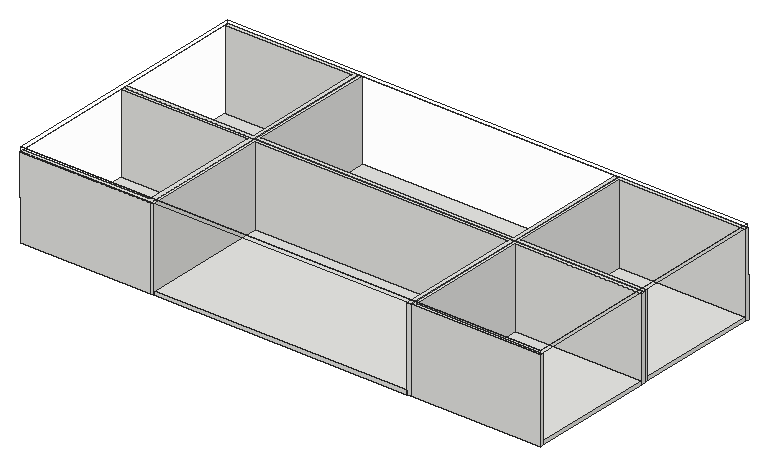
Revit family "Table-Coffee-Teknion-STLQ_Masalla-R2013", category Furniture, Revit 2013
Parameters (values of type "6 Box Rectangle, Pinch")
  Width = 66.92913"
  Warranty = "http://www.teknionstudio.com/pdfs/Teknion%20Studio%20Warranty.pdf"
  Unit Weight = 0.00 lbf
  URL = "www.teknionstudio.com"
  Table Top Finish [instance] = Glass - Teknion - A5 - Standard - Clear
  Surface D Finish [instance] = Paint - Teknion - True White
  Surface C Finish [instance] = Paint - Teknion - True White
  Surface B Finish [instance] = Paint - Teknion - True White
  Surface A Finish [instance] = Paint - Teknion - True White
  Series = "Studio"
  Product Line = "Masalla"
  Product Documentation Link = "http://www.teknionstudio.com/pricing/STLQ_ppg.pdf"
  Part Number = "STLQ"
  Model = "STLQ"
  Manufacturer Phone = "919-464-2920"
  Manufacturer Fax = "919-464-2927"
  Manufacturer Email = "customersupport@teknionstudio.com"
  Manufacturer Address = "3941 US 70 Business HWY West, Clayton, NC 27520"
  Manufacturer = "Teknion Studio"
  Low Emitting Material = yes
  Low Emitting Finish = yes
  Height = 12.59843"
  Description = "Masalla Table, 6 Box Rectangle - Pinch"
  Depth = 33.46457"
  Assembly Code = "E2020200"
Reference planes (in)
  plane 1 "Center F/B": y = 0
  plane 2: z = 0
  plane 3 "Center L/R": x = 0
  plane 4 "Left": x = -33.46457
  plane 5 "Right": x = 33.46457
  plane 6 "Back": y = 16.73228
  plane 7 "Front": y = -16.73228
  plane 8 "Top": z = 12.59843
  plane 9: z = 1.5748
  plane 10: z = 12.12598
Forms (in)
  Sweep 1, solid, material "Paint - Teknion - Smoke"
    path origin (0, 0, 0) x (1, 0, 0) y (0, 0, 1)
      loop
        line (0, 0) -> (0, 1.5748)
    profile origin (0, 0, 0.7874) x (-1, 0, 0) y (0, -1, 0)
      loop
        line (31.10236, -14.37008) -> (31.10236, 14.37008) -> (-31.10236, 14.37008) -> (-31.10236, -14.37008) -> (31.10236, -14.37008)
      loop
        line (-30.62992, -13.89764) -> (30.62992, -13.89764) -> (30.62992, 13.89764) -> (-30.62992, 13.89764) -> (-30.62992, -13.89764)
  Sweep 2, solid, material "Paint - Teknion - Smoke"
    path origin (0, 0, 0) x (1, 0, 0) y (0, 0, 1)
      loop
        line (0, 1.5748) -> (0, 1.10236)
    profile origin (0, 0, 1.33858) x (0, -1, 0) y (1, 0, 0)
      loop
        line (-13.89764, -30.62992) -> (13.89764, -30.62992) -> (13.89764, 30.62992) -> (-13.89764, 30.62992) -> (-13.89764, -30.62992)
  Sweep 3, solid, material "Glass - Teknion - A5 - Standard - Clear" <- "Table Top Finish"
    path origin (0, 0, 0) x (1, 0, 0) y (0, 0, 1)
      loop
        line (0, 12.59843) -> (0, 12.12598)
    profile origin (0, 0, 12.3622) x (0, -1, 0) y (1, 0, 0)
      loop
        line (-16.73228, -33.46457) -> (16.73228, -33.46457) -> (16.73228, 33.46457) -> (-16.73228, 33.46457) -> (-16.73228, -33.46457)
  Sweep 4, solid, material "Paint - Teknion - True White" <- "Surface B Finish"
    path origin (0, 0, 0) x (1, 0, 0) y (0, 0, 1)
      loop
        line (0, 1.5748) -> (0, 2.04724)
    profile origin (0, 0, 1.81102) x (-1, 0, 0) y (0, -1, 0)
      loop
        line (16.25984, -16.73228) -> (16.25984, -0.47244) -> (-16.25984, -0.47244) -> (-16.25984, -16.73228) -> (16.25984, -16.73228)
  Sweep 5, solid, material "Paint - Teknion - True White" <- "Surface A Finish"
    path origin (0, 0, 0) x (1, 0, 0) y (0, 0, 1)
      loop
        line (0, 12.12598) -> (0, 1.5748)
    profile origin (0, 0, 6.85039) x (0, -1, 0) y (1, 0, 0)
      loop
        line (-16.73228, -33.46457) -> (-16.25984, -33.46457) -> (-16.25984, -17.20472) -> (-0.47244, -17.20472) -> (-0.47244, -33.46457) -> (0, -33.46457) -> (0, -16.73228) -> (-16.73228, -16.73228) -> (-16.73228, -33.46457)
  Sweep 6, solid, material "Paint - Teknion - True White" <- "Surface D Finish"
    path origin (0, 0, 0) x (1, 0, 0) y (0, 0, 1)
      loop
        line (0, 1.5748) -> (0, 12.12598)
    profile origin (0, 0, 6.85039) x (-1, 0, 0) y (0, -1, 0)
      loop
        line (-16.73228, 0) -> (-16.73228, 16.73228) -> (-33.46457, 16.73228) -> (-33.46457, 16.25984) -> (-17.20472, 16.25984) -> (-17.20472, 0.47244) -> (-33.46457, 0.47244) -> (-33.46457, 0) -> (-16.73228, 0)
  Sweep 7, solid, material "Paint - Teknion - True White" <- "Surface B Finish"
    path origin (0, 0, 0) x (1, 0, 0) y (0, 0, 1)
      loop
        line (0, 12.12598) -> (0, 1.5748)
    profile origin (0, 0, 6.85039) x (0, -1, 0) y (1, 0, 0)
      loop
        line (-16.73228, -16.73228) -> (0, -16.73228) -> (0, 16.73228) -> (-16.73228, 16.73228) -> (-16.73228, 16.25984) -> (-0.47244, 16.25984) -> (-0.47244, -16.25984) -> (-16.73228, -16.25984) -> (-16.73228, -16.73228)
  Sweep 8, solid, material "Paint - Teknion - True White" <- "Surface C Finish"
    path origin (0, 0, 0) x (1, 0, 0) y (0, 0, 1)
      loop
        line (0, 12.12598) -> (0, 1.5748)
    profile origin (0, 0, 6.85039) x (0, -1, 0) y (1, 0, 0)
      loop
        line (0, 16.73228) -> (0, -16.73228) -> (16.73228, -16.73228) -> (16.73228, -16.25984) -> (0.47244, -16.25984) -> (0.47244, 16.25984) -> (16.73228, 16.25984) -> (16.73228, 16.73228) -> (0, 16.73228)
  Sweep 9, solid, material "Paint - Teknion - True White" <- "Surface D Finish"
    path origin (0, 0, 0) x (-1, 0, 0) y (0, 0, 1)
      loop
        line (0, 1.5748) -> (0, 2.04724)
    profile origin (0, 0, 1.81102) x (-1, 0, 0) y (0, -1, 0)
      loop
        line (-33.46457, -16.25984) -> (-17.20472, -16.25984) -> (-17.20472, -0.47244) -> (-33.46457, -0.47244) -> (-33.46457, -16.25984)
      loop
        line (-33.46457, 16.25984) -> (-33.46457, 0.47244) -> (-17.20472, 0.47244) -> (-17.20472, 16.25984) -> (-33.46457, 16.25984)
  Sweep 10, solid, material "Paint - Teknion - True White" <- "Surface C Finish"
    path origin (0, 0, 0) x (-1, 0, 0) y (0, 0, 1)
      loop
        line (0, 1.5748) -> (0, 2.04724)
    profile origin (0, 0, 1.81102) x (1, 0, 0) y (0, 1, 0)
      loop
        line (16.25984, -16.73228) -> (16.25984, -0.47244) -> (-16.25984, -0.47244) -> (-16.25984, -16.73228) -> (16.25984, -16.73228)
  Sweep 11, solid, material "Paint - Teknion - True White" <- "Surface A Finish"
    path origin (0, 0, 0) x (1, 0, 0) y (0, 0, -1)
      loop
        line (0, -1.5748) -> (0, -2.04724)
    profile origin (0, 0, 1.81102) x (1, 0, 0) y (0, 1, 0)
      loop
        line (-33.46457, -16.25984) -> (-17.20472, -16.25984) -> (-17.20472, -0.47244) -> (-33.46457, -0.47244) -> (-33.46457, -16.25984)
      loop
        line (-33.46457, 16.25984) -> (-33.46457, 0.47244) -> (-17.20472, 0.47244) -> (-17.20472, 16.25984) -> (-33.46457, 16.25984)
  Sweep 12, solid, material "Paint - Teknion - True White" <- "Surface D Finish"
    path origin (0, 16.73228, 0) x (1, 0, 0) y (0, 0, 1)
      loop
        line (0, 1.5748) -> (0, 12.12598)
    profile origin (0, 16.73228, 6.85039) x (-1, 0, 0) y (0, -1, 0)
      loop
        line (-16.73228, 0) -> (-16.73228, 16.73228) -> (-33.46457, 16.73228) -> (-33.46457, 16.25984) -> (-17.20472, 16.25984) -> (-17.20472, 0.47244) -> (-33.46457, 0.47244) -> (-33.46457, 0) -> (-16.73228, 0)
  Sweep 13, solid, material "Paint - Teknion - True White" <- "Surface A Finish"
    path origin (-19.56073, -8.30304, 0) x (1, 0, 0) y (0, 0, 1)
      loop
        line (19.56073, 12.12598) -> (19.56073, 1.5748)
    profile origin (0, -8.30304, 6.85039) x (0, -1, 0) y (1, 0, 0)
      loop
        line (-8.30304, -33.46457) -> (-7.8306, -33.46457) -> (-7.8306, -17.20472) -> (7.95681, -17.20472) -> (7.95681, -33.46457) -> (8.42925, -33.46457) -> (8.42925, -16.73228) -> (-8.30304, -16.73228) -> (-8.30304, -33.46457)
Lines and regions (in)
  Masking region 1
    outline origin (0, 0, 12.59843) x (-1, 0, 0) y (0, -1, 0)
      loop
        line (33.46457, -16.73228) -> (33.46457, 16.73228) -> (-33.46457, 16.73228) -> (-33.46457, -16.73228) -> (33.46457, -16.73228)
  symbolic lines, style "Hidden Lines", detail levels medium+fine
    curve 1: line (-16.73228, 16.73228, 12.59843) -> (-16.73228, -16.73228, 12.59843)
    curve 2: line (16.73228, 16.73228, 12.59843) -> (16.73228, -16.73228, 12.59843)
    curve 3: line (-33.46457, 0, 12.59843) -> (33.46457, 0, 12.59843)
  symbolic lines, style "Hidden Lines", detail levels fine
    curve 4: line (-33.46457, 16.25984, 12.59843) -> (-16.73228, 16.25984, 12.59843)
    curve 5: line (-33.46457, -16.25984, 12.59843) -> (-16.73228, -16.25984, 12.59843)
    curve 6: line (33.46457, 16.25984, 12.59843) -> (16.73228, 16.25984, 12.59843)
    curve 7: line (33.46457, -16.25984, 12.59843) -> (16.73228, -16.25984, 12.59843)
    curve 8: line (-17.20472, 16.25984, 12.59843) -> (-17.20472, -16.25984, 12.59843)
    curve 9: line (-16.25984, 16.73228, 12.59843) -> (-16.25984, -16.73228, 12.59843)
    curve 10: line (16.25984, 16.73228, 12.59843) -> (16.25984, -16.73228, 12.59843)
    curve 11: line (17.20472, 16.25984, 12.59843) -> (17.20472, 0.47244, 12.59843)
    curve 12: line (-16.25984, 0.47244, 12.59843) -> (16.25984, 0.47244, 12.59843)
    curve 13: line (-16.25984, -0.47244, 12.59843) -> (16.25984, -0.47244, 12.59843)
    curve 14: line (33.46457, 0.47244, 12.59843) -> (16.73228, 0.47244, 12.59843)
    curve 15: line (33.46457, -0.47244, 12.59843) -> (16.73228, -0.47244, 12.59843)
    curve 16: line (17.20472, -0.47244, 12.59843) -> (17.20472, -16.25984, 12.59843)
  symbolic lines, style "FurnitureSystemsHiddenLines", detail levels fine
    curve 17: line (-33.46457, 0.47244, 0) -> (-17.20472, 0.47244, 0)
    curve 18: line (-33.46457, -0.47244, 0) -> (-17.20472, -0.47244, 0)
Dimensions and locks (in)
  "Height": plane 8 "Top" to level
  equal spacing: plane 4 "Left", plane 3 "Center L/R", plane 5 "Right"
  equal spacing: plane 6 "Back", plane 1 "Center F/B", plane 7 "Front"
  "Width": plane 4 "Left" to plane 5 "Right"
  "Depth": plane 6 "Back" to plane 7 "Front"
  Sweep 1 sketch curve to Sweep 1 sketch curve to plane 1 "Center F/B" to Sweep 1 sketch curve to Sweep 1 sketch curve = 0.47244" locked, 13.89764" locked, 13.89764" locked, 0.47244" locked
  Sweep 1 sketch curve to Sweep 1 sketch curve to plane 3 "Center L/R" to Sweep 1 sketch curve to Sweep 1 sketch curve = 0.47244", 30.62992" locked, 30.62992" locked, 0.47244" locked
  Sweep 2 sketch curve to plane 3 "Center L/R" to Sweep 2 sketch curve = 30.62992" locked, 30.62992" locked
  Sweep 2 sketch curve to plane 1 "Center F/B" to Sweep 2 sketch curve = 13.89764" locked, 13.89764" locked
  locked: plane 8 "Top" to Sweep 3 sketch curve at 0.47244
  locked: plane 8 "Top" to plane 10 at 0.47244
  locked: plane 9 to plane 2 at 1.5748
  locked: plane 9 to Sweep 2 sketch curve at 0.47244
  locked: Sweep 4 sketch curve to plane 9 at 0.47244
  locked: plane 1 "Center F/B" to Sweep 4 sketch curve at 0.47244
  locked: Sweep 8 sketch curve to plane 1 "Center F/B" at 0.47244
  locked: Sweep 9 sketch curve to plane 9 at 0.47244
  locked: Sweep 10 sketch curve to plane 9 at 0.47244
  locked: Sweep 11 sketch curve to plane 9 at 0.47244
  locked: plane 4 "Left" to Sweep 5 sketch curve at 16.73228
  locked: Sweep 5 sketch curve to Sweep 5 sketch curve at 0.47244
  locked: plane 6 "Back" to Sweep 5 sketch curve at 0.47244
  locked: plane 7 "Front" to Sweep 6 sketch curve at 0.47244
  locked: Sweep 6 sketch curve to plane 5 "Right" at 16.25984
  locked: Sweep 6 sketch curve to Sweep 6 sketch curve at 0.47244
  Sweep 8 sketch curve to Sweep 8 sketch curve to plane 3 "Center L/R" = 0.47244" locked, 16.25984" locked
  plane 3 "Center L/R" to Sweep 8 sketch curve to Sweep 8 sketch curve = 16.25984" locked, 0.47244" locked
  Sweep 7 sketch curve to Sweep 7 sketch curve to plane 3 "Center L/R" = 0.47244" locked, 16.25984" locked
  plane 3 "Center L/R" to Sweep 7 sketch curve to Sweep 7 sketch curve = 16.25984" locked, 0.47244" locked
  locked: plane 1 "Center F/B" to Sweep 7 sketch curve at 0.47244
  locked: plane 4 "Left" to Sweep 11 sketch curve at 16.25984
  locked: plane 6 "Back" to Sweep 11 sketch curve at 0.47244
  locked: plane 7 "Front" to Sweep 11 sketch curve at 0.47244
  Sweep 4 sketch curve to plane 3 "Center L/R" to Sweep 4 sketch curve = 16.25984" locked, 16.25984" locked
  Sweep 10 sketch curve to plane 3 "Center L/R" to Sweep 10 sketch curve = 16.25984" locked, 16.25984" locked
  locked: Sweep 10 sketch curve to plane 1 "Center F/B" at 0.47244
  locked: Sweep 9 sketch curve to plane 5 "Right" at 16.25984
  locked: plane 6 "Back" to Sweep 9 sketch curve at 0.47244
  locked: plane 7 "Front" to Sweep 9 sketch curve at 0.47244
  curve 1 to plane 3 "Center L/R" to curve 2 = 16.73228" locked, 16.73228" locked
  locked: plane 6 "Back" to curve 4 at 0.47244
  locked: plane 7 "Front" to curve 5 at 0.47244
  locked: plane 6 "Back" to curve 6 at 0.47244
  locked: plane 7 "Front" to curve 7 at 0.47244
  locked: curve 8 to curve 1 at 0.47244
  locked: curve 1 to curve 9 at 0.47244
  locked: curve 10 to curve 2 at 0.47244
  locked: curve 2 to curve 11 at 0.47244
  locked: plane 1 "Center F/B" to curve 12 at 0.47244
  locked: curve 13 to plane 1 "Center F/B" at 0.47244
  locked: Sweep 6 sketch curve to plane 1 "Center F/B" at 0.47244
  locked: Sweep 12 sketch curve to Sweep 12 sketch curve at 0.47244
  locked: plane 1 "Center F/B" to curve 14 at 0.47244
  locked: curve 15 to plane 1 "Center F/B" at 0.47244
  Sweep 9 sketch curve to plane 1 "Center F/B" to Sweep 9 sketch curve = 0.47244", 0.47244"
  locked: plane 1 "Center F/B" to Sweep 5 sketch curve at 0.47244
  locked: Sweep 13 sketch curve to Sweep 13 sketch curve at 0.47244
  locked: Sweep 13 sketch curve to plane 1 "Center F/B" at 0.47244
  locked: plane 7 "Front" to Sweep 13 sketch curve at 0.47244
  Sweep 11 sketch curve to plane 1 "Center F/B" to Sweep 11 sketch curve = 0.47244" locked, 0.47244" locked
  curve 18 to plane 1 "Center F/B" to curve 17 = 0.47244" locked, 0.47244" locked
  aligned and locked: level to plane 2
  aligned and locked: plane 3 "Center L/R" to Sweep 1 sketch curve
  aligned and locked: plane 2 to Sweep 1 sketch curve
  aligned and locked: Sweep 2 sketch curve to plane 3 "Center L/R"
  aligned and locked: Sweep 3 sketch curve to plane 3 "Center L/R"
  aligned and locked: plane 8 "Top" to Sweep 3 sketch curve
  aligned and locked: Sweep 3 sketch curve to plane 6 "Back"
  aligned and locked: plane 4 "Left" to Sweep 3 sketch curve
  aligned and locked: Sweep 3 sketch curve to plane 7 "Front"
  aligned and locked: Sweep 3 sketch curve to plane 5 "Right"
  aligned and locked: plane 9 to Sweep 1 sketch curve
  aligned and locked: plane 9 to Sweep 2 sketch curve
  aligned and locked: plane 9 to Sweep 4 sketch curve
  aligned and locked: plane 3 "Center L/R" to Sweep 4 sketch curve
  aligned and locked: Sweep 4 sketch curve to plane 6 "Back"
  aligned and locked: plane 10 to Sweep 5 sketch curve
  aligned and locked: Sweep 5 sketch curve to plane 3 "Center L/R"
  aligned and locked: plane 9 to Sweep 5 sketch curve
  aligned and locked: plane 10 to Sweep 6 sketch curve
  aligned and locked: plane 9 to Sweep 6 sketch curve
  aligned and locked: plane 3 "Center L/R" to Sweep 6 sketch curve
  aligned and locked: plane 10 to Sweep 7 sketch curve
  aligned and locked: plane 9 to Sweep 7 sketch curve
  aligned and locked: Sweep 7 sketch curve to plane 3 "Center L/R"
  aligned and locked: plane 10 to Sweep 8 sketch curve
  aligned and locked: plane 9 to Sweep 8 sketch curve
  aligned and locked: Sweep 8 sketch curve to plane 3 "Center L/R"
  aligned and locked: Sweep 8 sketch curve to plane 1 "Center F/B"
  aligned and locked: Sweep 8 sketch curve to plane 7 "Front"  (x2)
  aligned and locked: plane 9 to Sweep 9 sketch curve
  aligned and locked: Sweep 10 sketch curve to plane 7 "Front"
  aligned and locked: plane 9 to Sweep 10 sketch curve
  aligned and locked: plane 9 to Sweep 11 sketch curve
  aligned and locked: Masking region 1 sketch curve to plane 6 "Back"
  aligned and locked: Masking region 1 sketch curve to plane 5 "Right"
  aligned and locked: Masking region 1 sketch curve to plane 7 "Front"
  aligned and locked: plane 4 "Left" to Masking region 1 sketch curve
  aligned and locked: Sweep 5 sketch curve to plane 4 "Left"  (x2)
  aligned and locked: Sweep 5 sketch curve to plane 6 "Back"
  aligned and locked: Sweep 6 sketch curve to plane 5 "Right"  (x2)
  aligned and locked: Sweep 6 sketch curve to plane 7 "Front"
  aligned and locked: Sweep 7 sketch curve to plane 1 "Center F/B"
  aligned and locked: plane 6 "Back" to Sweep 7 sketch curve  (x2)
  aligned and locked: Sweep 11 sketch curve to plane 4 "Left"
  aligned and locked: plane 5 "Right" to Sweep 9 sketch curve  (x2)
  aligned and locked: plane 7 "Front" to curve 2
  aligned and locked: plane 7 "Front" to curve 1
  aligned and locked: plane 6 "Back" to curve 1
  aligned and locked: plane 6 "Back" to curve 2
  aligned and locked: plane 4 "Left" to curve 4
  aligned and locked: plane 4 "Left" to curve 5
  aligned and locked: curve 1 to curve 5
  aligned and locked: curve 2 to curve 7
  aligned and locked: plane 5 "Right" to curve 7
  aligned and locked: plane 5 "Right" to curve 6
  aligned and locked: curve 5 to curve 8
  aligned and locked: curve 4 to curve 8
  aligned and locked: plane 6 "Back" to curve 9
  aligned and locked: plane 7 "Front" to curve 9
  aligned and locked: plane 6 "Back" to curve 10
  aligned and locked: plane 7 "Front" to curve 10
  aligned and locked: curve 6 to curve 11
  aligned and locked: curve 7 to curve 16
  aligned and locked: curve 9 to curve 12
  aligned and locked: curve 10 to curve 12
  aligned and locked: plane 1 "Center F/B" to Sweep 6 sketch curve
  aligned and locked: plane 5 "Right" to curve 14
  aligned and locked: plane 5 "Right" to curve 15
  aligned and locked: plane 5 "Right" to curve 3
  aligned and locked: curve 14 to curve 11
  aligned and locked: curve 15 to curve 16
  aligned and locked: Sweep 5 sketch curve to plane 1 "Center F/B"
  aligned and locked: plane 10 to Sweep 13 sketch curve
  aligned and locked: plane 9 to Sweep 13 sketch curve
  aligned and locked: Sweep 13 sketch curve to plane 3 "Center L/R"
  aligned and locked: Sweep 13 sketch curve to plane 4 "Left"  (x2)
  aligned and locked: Sweep 13 sketch curve to plane 7 "Front"
  aligned and locked: plane 1 "Center F/B" to Sweep 13 sketch curve
  aligned and locked: plane 4 "Left" to curve 3
  aligned and locked: Sweep 5 to curve 17
  aligned and locked: Sweep 13 to curve 18
  aligned and locked: plane 4 "Left" to curve 18
  aligned and locked: plane 4 "Left" to curve 17
Automatic sketch dimensions
  Sweep 9 sketch curve to plane 3 "Center L/R" = 0.000"
  profile plane to Sweep 9 sketch curve = 17.20472"
  Sweep 10 sketch curve to plane 3 "Center L/R" = 0.000"
  Sweep 11 sketch curve to plane 3 "Center L/R" = 0.000"
  Sweep 12 sketch curve to plane 3 "Center L/R" = 0.000"
  Sweep 12 sketch curve to plane 9 = 0.000"
  Sweep 12 sketch curve to plane 10 = 0.000"
  profile plane to Sweep 12 sketch curve = 0.000"
  profile plane to Sweep 12 sketch curve = 16.25984"
  profile plane to Sweep 12 sketch curve = 33.46457"
  profile plane to Sweep 12 sketch curve = 0.47244"
  Sweep 12 sketch curve to Sweep 12 sketch curve = 0.000"
  Sweep 12 sketch curve to Sweep 12 sketch curve = 16.25984"
  Sweep 12 sketch curve to Sweep 12 sketch curve = 0.47244"
  Sweep 13 sketch curve to Sweep 13 sketch curve = 16.25984"
  Sweep 11 sketch curve to Sweep 11 sketch curve = 0.000"  (x2)
  plane 1 "Center F/B" to curve 3 = 0.000"
  curve 16 to curve 15 = 0.47244"
